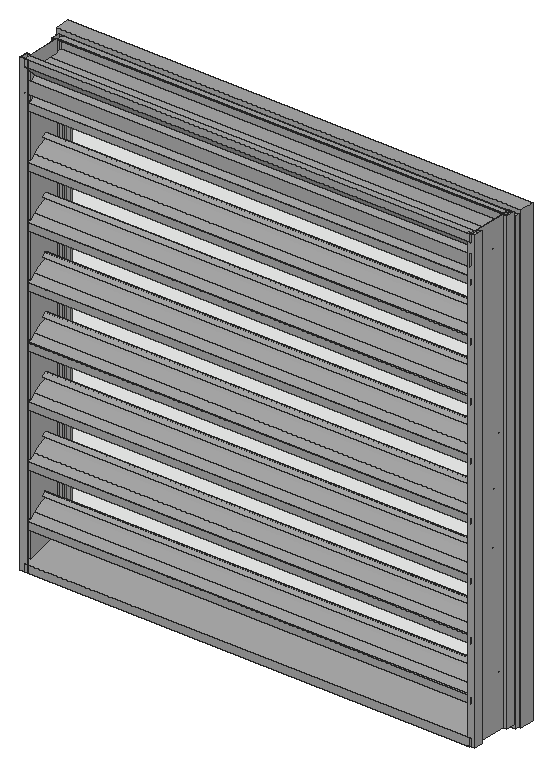
Revit family
Parameters (values of type "537XP")
  Weight = ""
  Warranty = "All materials and workmanship are warranted for a period of 1 year from date of completion."  # constant formula
  URL = "http://www.industriallouvers.com"
  Surface Finish = "Anodized or Kynar finish"  # constant formula
  Support Material = Aluminum
  Subcategory = "Extruded Sightproof"  # constant formula
  Static Pressure Loss = "0.15 inch of water gauge at an air flow of 706.9 FPM free area velocity."  # constant formula
  Specifications  URL = "http://www.industriallouvers.com/downloads/Extruded%20Sightproof/537XP_SD.doc"
  Screen Material = Screen Material
  SMARTBIM URL = "http://www.SMARTBIM.com"
  SMARTBIM Object Version = 3  # constant formula
  SMARTBIM Object Created By = "SMARTBIM, LLC"  # constant formula
  SMARTBIM Contact = "mailto:SMARTBIM@SMARTBIM.com"
  Product Submittal URL = "http://www.industriallouvers.com/downloads/Extruded%20Sightproof/537XP_PS.pdf"
  Product Page URL = "http://www.industriallouvers.com/lv_es.php"
  Number of Blades [instance] = (Louver Height - 0' 5 1/2") / 0' 5"  # 9
  Model = "537XP"  # constant formula
  Minimum Height = 1' - 0"  # constant formula
  Maximum Water Penetration = "0 .01 ounces at an air flow of 995.8 FPM"  # constant formula
  Maximum Size - Single Section [instance] = "One dimension not to exceed 72\" x 120\""
  Material = "Extruded aluminum, 6063-T6"  # constant formula
  Manufacturer Toll Free Phone = "1-800-328-3421"  # constant formula
  Manufacturer Phone = "763-972-2981"  # constant formula
  Manufacturer Fax = "763-972-2911"  # constant formula
  Manufacturer Email = "mailto:ilinfo@industriallouvers.com"
  Manufacturer Address = "511 S. 7th Street, Delano, MN 55328"  # constant formula
  Manufacturer = "Industrial Louvers, Inc."  # constant formula
  Maintenance = "http://www.industriallouvers.com/prod-forms/Maintenance%20Instructions.pdf"
  Louver Width [instance] = 4' - 0"
  Louver Height [instance] = 4' - 0"
  Installation URL = "http://www.industriallouvers.com/downloads/Extruded%20Sightproof/537XP_II.pdf"
  Height [instance] = if(Louver Height < 1' 0", 1' 0", Louver Height)  # 4' - 0"
  Free Area for 48”x48” Louver = "56%"  # constant formula
  Free Area (ft²) for 48" x 48" Louver = "8.94"  # constant formula
  Frame Material = Aluminum
  Description = "Extruded Sightproof"  # constant formula
  Depth = 0' - 5"  # constant formula
  Default Elevation = 4' - 0"
  Cost Info = "Contact Factory"  # constant formula
  CAD Drawings = "http://www.industriallouvers.com/downloads/Extruded%20Sightproof/537XP_ACD.dwg"
  Blade Width [instance] = Louver Width - 0' 1 1/2"  # 3' - 10 1/2"
  Blade Start Height [instance] = (Louver Height - 0' 4 1/2" - Blade Region Height) / 2  # 0' - 4 1/4"
  Blade Region Height [instance] = (Blade Count - 1) * 0' 5"  # 2' - 11"
  Blade Material = Aluminum
  Blade Count [instance] = if(((Louver Height - 0' 5 1/2") / 0' 5") < 2, 2, (Louver Height - 0' 5 1/2") / 0' 5") - 1  # 8
  Assembly Code = "B2010300"
  95 CSI = "10200"  # constant formula
  04 CSI = "08 91 00"  # constant formula
Reference planes (in)
  plane 1 "Center (Front/Back)": y = 0
  plane 2: z = 0
  plane 3 "Center (Left/Right)": x = 0
  plane 4: x = -24
  plane 5: x = 24
  plane 6: x = -23.25
  plane 7: x = 23.25
  plane 8 "Back of Blade": y = 2
  plane 9: z = 4.25
  plane 10: z = 39.25
  plane 11: z = 48.5
  plane 12 "Back of Screen": y = 2.345
  plane 13: z = 47
  plane 14: z = 1.5
  plane 15: y = 2.47
  plane 16: z = 48.375
  plane 17: z = 0.125
  plane 18: y = 3.845
  plane 19 "Front of Louver": y = -2
  plane 20: z = 48.25
  plane 21: z = 0.25
  plane 22: z = 21.75
  plane 23: x = -24.25
  plane 24: x = 24.25
  plane 25: z = 48
  plane 26: z = 46
Forms (in)
  Extrusion 1, solid, material "Aluminum" <- "Blade Material"
    sketch origin (0, -24, 12.25956) x (0, 1, 0) y (0, 0, 1)
      loop
        line (21.081, 35.90944) -> (21.625, 35.90944) -> (21.625, 35.99044) -> (21, 35.99044) -> (21, 35.24044) -> (22.14736, 34.02375) -> (21.081, 33.01816) -> (21.081, 33.99944) -> (21, 34.08044) -> (21, 32.83044) -> (22.10136, 33.86904)
        arc (22.10136, 33.86904) -> (23.05229, 34.47461) -> (24.15958, 34.68644) r 3
        line (24.15958, 34.68644) -> (25.838, 34.68644) -> (25.838, 33.02599) -> (25.57428, 33.28972) -> (25.517, 33.23244) -> (25.919, 32.83044) -> (25.919, 35.99044) -> (25.294, 35.99044) -> (25.294, 35.90944) -> (25.838, 35.90944) -> (25.838, 34.76744) -> (24.15958, 34.76744)
        arc (24.15958, 34.76744) -> (23.1257, 34.58879) -> (22.21171, 34.07357) r 3.081
        line (22.21171, 34.07357) -> (21.081, 35.27261) -> (21.081, 35.90944)
    from -23.25 to 23.25
  Sweep 2, solid, material "Aluminum" <- "Support Material"
    path origin (0, 0, 0) x (1, 0, 0) y (0, 0, 1)
      loop
        line (-24.25, 48.5) -> (-24.25, 0) -> (24.25, 0) -> (24.25, 48.5) -> (-24.25, 48.5)
    profile origin (0, 0, 48.5) x (0, 0, 1) y (0, -1, 0)
      loop
        line (-1.5, -2.345) -> (-1.5, -2.47) -> (-0.125, -2.47) -> (-0.125, -3.845) -> (0, -3.845) -> (0, -2.345) -> (-1.5, -2.345)
  Extrusion 3, solid, material "Aluminum" <- "Frame Material"
    sketch origin (-10, 22.75594, 29.61826) x (1, 0, 0) y (0, 1, 0)
      loop
        line (33.331, -21.63094) -> (33.75, -21.63094) -> (33.75, -20.75594) -> (33.25, -20.75594) -> (33.25, -20.83694) -> (33.669, -20.83694) -> (33.669, -21.54994) -> (33.25, -21.54994) -> (33.25, -24.96194) -> (33.669, -24.96194) -> (33.669, -25.67494) -> (33, -25.67494) -> (33, -25.75594) -> (33.75, -25.75594) -> (33.75, -24.88094) -> (33.331, -24.88094) -> (33.331, -21.63094)
    from -29.36826 to 18.63174
  Extrusion 4, solid, material "Aluminum" <- "Frame Material"
    sketch origin (10, -22.75594, 29.61826) x (-1, 0, 0) y (0, -1, 0)
      loop
        line (33.331, -23.88094) -> (33.331, -20.63094) -> (33.75, -20.63094) -> (33.75, -19.75594) -> (33, -19.75594) -> (33, -19.83694) -> (33.669, -19.83694) -> (33.669, -20.54994) -> (33.25, -20.54994) -> (33.25, -23.96194) -> (33.669, -23.96194) -> (33.669, -24.67494) -> (33.25, -24.67494) -> (33.25, -24.75594) -> (33.75, -24.75594) -> (33.75, -23.88094) -> (33.331, -23.88094)
    from -29.36826 to 18.63174
Cuts and joins
  joined: Extrusion 3, Extrusion 4
Dimensions and locks (in)
  equal spacing: plane 4, plane 3 "Center (Left/Right)", plane 5
  "Louver Width": plane 4 to plane 5
  locked: plane 4 to plane 6 at 0.75
  locked: plane 7 to plane 5 at 0.75
  "Blade Start Height": plane 9 to level
  "Louver Height": plane 20 to plane 21
  locked: plane 18 to plane 12 "Back of Screen" at 1.5
  locked: plane 15 to plane 12 "Back of Screen" at 0.125
  locked: plane 11 to plane 13 at 1.5
  locked: plane 11 to plane 16 at 0.125
  locked: plane 17 to level at 0.125
  locked: plane 14 to level at 1.5
  locked: plane 12 "Back of Screen" to plane 8 "Back of Blade" at 0.345
  equal spacing: plane 8 "Back of Blade", plane 1 "Center (Front/Back)", plane 19 "Front of Louver"
  locked: plane 8 "Back of Blade" to plane 19 "Front of Louver" at 4
  locked: plane 11 to plane 20 at 0.25
  locked: plane 21 to level at 0.25
  equal spacing: group 1, group 3, group 4, group 5, group 6, group 7, group 8, group 2  (x3)
  locked: plane 23 to plane 4 at 0.25
  locked: plane 5 to plane 24 at 0.25
  equal spacing: plane 10, plane 22, plane 9
  locked: plane 11 to plane 25 at 0.5
  "Blade Region Height": plane 10 to plane 9
  locked: plane 13 to plane 26 at 1
  aligned and locked: Sweep 2 sketch curve to plane 11
  aligned and locked: Sweep 2 sketch curve to level
  aligned and locked: Sweep 2 to plane 12 "Back of Screen"
  aligned and locked: nested 1 to plane 12 "Back of Screen"
  aligned and locked: nested 1 to plane 8 "Back of Blade"
  aligned and locked: nested 1 to level
  aligned: plane 5 to Extrusion 3
  aligned: Extrusion 4 to plane 4
  aligned: plane 11 to Extrusion 3
  aligned: Extrusion 1 to plane 20
  aligned: Extrusion 1 to plane 8 "Back of Blade"
  aligned and locked: Extrusion 1 to plane 6
  aligned and locked: plane 7 to Extrusion 1
  aligned: Extrusion 3 to level
  aligned: Extrusion 4 to level
  aligned: plane 11 to Extrusion 4
  aligned and locked: plane 3 "Center (Left/Right)" to nested 2
  aligned and locked: nested 2 to plane 8 "Back of Blade"
  aligned: plane 9 to nested 2
  aligned: plane 10 to nested 3  (x2)
  aligned: plane 3 "Center (Left/Right)" to nested 1
  aligned and locked: cut or joined group of Extrusion 3, Extrusion 4 to plane 20  (x2)
  aligned and locked: plane 21 to cut or joined group of Extrusion 3, Extrusion 4  (x2)
  aligned and locked: plane 23 to Sweep 2 sketch curve
  aligned and locked: plane 24 to Sweep 2 sketch curve
  aligned and locked: plane 25 to nested 1
  aligned and locked: plane 5 to nested 1
  aligned and locked: nested 1 to plane 4
  aligned and locked: nested 3 to plane 26
  aligned and locked: plane 9 to nested 2
  aligned and locked: plane 8 "Back of Blade" to nested 10
  aligned and locked: nested 10 to cut or joined group of Extrusion 3, Extrusion 4
  aligned and locked: nested 10 to plane 3 "Center (Left/Right)"
Automatic sketch dimensions
  profile plane to Sweep 2 sketch curve = 0' - 0"
  Sweep 2 sketch curve to Sweep 2 sketch curve = 0' - 0 1/8"  (x2)
  Sweep 2 sketch curve to Sweep 2 sketch curve = 0' - 1 3/8"  (x2)
  Sweep 2 sketch curve to plane 1 "Center (Front/Back)" = 0' - 3.845"
  Extrusion 4 sketch curve to plane 8 "Back of Blade" = 0' - 0"
  plane 6 to Extrusion 4 sketch curve = 0' - 0"
  plane 6 to Extrusion 4 sketch curve = 0' - 0 1/4"
  Extrusion 4 sketch curve to plane 6 = 0' - 0.081"
  plane 4 to Extrusion 4 sketch curve = 0' - 0.331"  (x2)
  Extrusion 4 sketch curve to plane 8 "Back of Blade" = 0' - 0.081"
  Extrusion 4 sketch curve to Extrusion 4 sketch curve = 0' - 0.081"  (x5)
  Extrusion 4 sketch curve to Extrusion 4 sketch curve = 0' - 0.713"  (x2)
  plane 19 "Front of Louver" to Extrusion 4 sketch curve = 0' - 0 1/8"
  Extrusion 4 sketch curve to plane 6 = 0' - 0"
  Extrusion 3 sketch curve to plane 8 "Back of Blade" = 0' - 0"
  Extrusion 3 sketch curve to plane 7 = 0' - 0"  (x2)
  Extrusion 3 sketch curve to plane 7 = 0' - 0 1/4"
  plane 7 to Extrusion 3 sketch curve = 0' - 0.081"
  Extrusion 3 sketch curve to plane 5 = 0' - 0.331"  (x2)
  Extrusion 3 sketch curve to plane 8 "Back of Blade" = 0' - 0.081"
  Extrusion 3 sketch curve to Extrusion 3 sketch curve = 0' - 0.081"  (x5)
  Extrusion 3 sketch curve to Extrusion 3 sketch curve = 0' - 0.713"  (x2)
  plane 19 "Front of Louver" to Extrusion 3 sketch curve = 0' - 0 1/8"
  plane 20 to Extrusion 1 sketch curve = 0' - 0.081"  (x2)
  plane 19 "Front of Louver" to Extrusion 1 sketch curve = 0' - 0 3/8"
  Extrusion 1 sketch curve to Extrusion 1 sketch curve = 0' - 0.544"
  Extrusion 1 sketch curve to Extrusion 1 sketch curve = 0' - 0.081"  (x3)
  Extrusion 1 sketch curve to plane 13 = 0' - 0.741"
  Extrusion 1 sketch curve to plane 19 "Front of Louver" = 0' - 0.14736"
  Extrusion 1 sketch curve to Extrusion 1 sketch curve = 0' - 0.04599"
  Extrusion 1 sketch curve to Extrusion 1 sketch curve = 0' - 0.06436"
  Extrusion 1 sketch curve to Extrusion 1 sketch curve = 0' - 0.18772"
  Extrusion 1 sketch curve to Extrusion 1 sketch curve = 0' - 0.15471"
  Extrusion 1 sketch curve to Extrusion 1 sketch curve = 0' - 0.04982"
  Extrusion 1 sketch curve to Extrusion 1 sketch curve = 0' - 0.03217"
  Extrusion 1 sketch curve to Extrusion 1 sketch curve = 0' - 0"  (x4)
  plane 13 to Extrusion 1 sketch curve = 0' - 0 1/2"
  Extrusion 1 sketch curve to plane 8 "Back of Blade" = 0' - 0.081"
  Extrusion 1 sketch curve to plane 8 "Back of Blade" = 0' - 0.706"
  Extrusion 1 sketch curve to plane 8 "Back of Blade" = 0' - 0.162"
  plane 13 to Extrusion 1 sketch curve = 0' - 0.027"
  plane 20 to Extrusion 1 sketch curve = 0' - 0"  (x2)
  Extrusion 1 sketch curve to plane 8 "Back of Blade" = 0' - 0.483"
  Extrusion 1 sketch curve to plane 13 = 0' - 1.91"
  Extrusion 1 sketch curve to Extrusion 1 sketch curve = 0' - 0.402"
  Extrusion 1 sketch curve to Extrusion 1 sketch curve = 0' - 0.05728"
  Extrusion 1 sketch curve to plane 13 = 0' - 0.054"
  Extrusion 1 sketch curve to plane 1 "Center (Front/Back)" = 0' - 0.15958"
Nested families (in)
  nested 1: "Louver Screen" at (18, 2, 0), type "Louver Screen"
    with Width 4' - 0", Height 4' - 0", Depth 0' - 0.345"
  nested 2: "Louver-Blade_450XP_IndustrialLouver" at (0, 2, 4.25), type "Louver-Blade_450XP_IndustrialLouver"
    with Width 3' - 10 1/2"
  nested 3: "Louver-Blade_450XP_IndustrialLouver" at (0, 2, 43.40865), type "Louver-Blade_450XP_IndustrialLouver"
    with Width 3' - 10 1/2"
  nested 4: "Louver-Blade_450XP_IndustrialLouver" at (0, 2, 9.84409), type "Louver-Blade_450XP_IndustrialLouver"
    with Width 3' - 10 1/2"
  nested 5: "Louver-Blade_450XP_IndustrialLouver" at (0, 2, 15.43819), type "Louver-Blade_450XP_IndustrialLouver"
    with Width 3' - 10 1/2"
  nested 6: "Louver-Blade_450XP_IndustrialLouver" at (0, 2, 21.03228), type "Louver-Blade_450XP_IndustrialLouver"
    with Width 3' - 10 1/2"
  nested 7: "Louver-Blade_450XP_IndustrialLouver" at (0, 2, 26.62637), type "Louver-Blade_450XP_IndustrialLouver"
    with Width 3' - 10 1/2"
  nested 8: "Louver-Blade_450XP_IndustrialLouver" at (0, 2, 32.22047), type "Louver-Blade_450XP_IndustrialLouver"
    with Width 3' - 10 1/2"
  nested 9: "Louver-Blade_450XP_IndustrialLouver" at (0, 2, 37.81456), type "Louver-Blade_450XP_IndustrialLouver"
    with Width 3' - 10 1/2"
  nested 10: "sill" at (0, -3.07887, 0.25) x (-1, 0, 0) z (0, 0, 1), type "sill"
Connectors (in)
  hvac at (0, 2.345, 24), driven by "Louver Height", driven by "Louver Width"
    settings: on nested 1, index 1, duct flow 0 CFM, flow factor 0, pres drop 0.00 in-wg, loss coef 0, conn angle 0.00°, conn width 48", conn height 48", conn radius 12", duct sys type 1, conn prof type 1, flow config 0, flow direction 0, loss method 0, conn ref index -1, conn util no, is conn primary yes, conn desc ""
Definition of nested family "Louver Screen"
  Parameters (values of type "Louver Screen")
    Width [instance] = 2' - 0"
    Screen Frame = Aluminum
    Screen = Screen Material
    Height [instance] = 2' - 0"
    Depth [instance] = 0' - 0 115/256"
    Assembly Code = ""
  Reference planes (in)
    plane 1 "Front": y = 0
    plane 2: z = 0
    plane 3 "Center (Left/Right)": x = -18
    plane 4: x = -30
    plane 5: x = -6
    plane 6: z = 24
    plane 7: x = -29.25
    plane 8: x = -6.75
    plane 9: z = 23.25
    plane 10: z = 0.75
    plane 11 "Back": y = 0.44922
    plane 12 "Center (Front/Back)": y = 0.22461
    plane 13: y = 0.19336
    plane 14: y = 0.25586
  Forms (in)
    Sweep 1, solid, material "Aluminum" <- "Screen Frame"
      path origin (0, 0, 0) x (1, 0, 0) y (0, 0, 1)
        loop
          line (-30, 24) -> (-30, 0) -> (-6, 0) -> (-6, 24) -> (-30, 24)
      profile origin (-18, 0, 24) x (0, 0, 1) y (0, -1, 0)
        loop
          line (0, 0) -> (-0.75, 0) -> (-0.75, -0.44922) -> (0, -0.44922) -> (0, 0)
    Extrusion 2, solid, material "Screen Material" <- "Screen"
      sketch origin (0, 0, 0) x (1, 0, 0) y (0, 0, 1)
        loop
          line (-29.25, 0.75) -> (-6.75, 0.75) -> (-6.75, 23.25) -> (-29.25, 23.25) -> (-29.25, 0.75)
      from -0.19336 to -0.25586
  Dimensions and locks (in)
    equal spacing: plane 4, plane 3 "Center (Left/Right)", plane 5
    "Width": plane 4 to plane 5
    locked: Sweep 1 sketch curve to Sweep 1 sketch curve at 0.75
    locked: plane 6 to plane 9 at 0.75
    locked: plane 4 to plane 7 at 0.75
    locked: plane 5 to plane 8 at 0.75
    locked: plane 10 to level at 0.75
    "Depth": plane 1 "Front" to plane 11 "Back"
    equal spacing: plane 1 "Front", plane 12 "Center (Front/Back)", plane 11 "Back"
    plane 14 to plane 12 "Center (Front/Back)" to plane 13 = 0' - 0 1/32" locked, 0' - 0 1/32" locked
    "Height": plane 6 to plane 2
    aligned and locked: Sweep 1 sketch curve to plane 6
    aligned and locked: Sweep 1 sketch curve to plane 4
    aligned and locked: Sweep 1 sketch curve to level
    aligned and locked: Sweep 1 sketch curve to plane 5
    aligned and locked: Extrusion 2 sketch curve to plane 7
    aligned and locked: Extrusion 2 sketch curve to plane 9
    aligned and locked: Extrusion 2 sketch curve to plane 10
    aligned and locked: Extrusion 2 sketch curve to plane 8
    aligned and locked: plane 11 "Back" to Sweep 1
    aligned and locked: plane 1 "Front" to Sweep 1 sketch curve
    aligned and locked: plane 11 "Back" to Sweep 1 sketch curve
    aligned and locked: plane 14 to Extrusion 2
    aligned and locked: Extrusion 2 to plane 13
    aligned and locked: plane 2 to level
  Automatic sketch dimensions
    profile plane to Sweep 1 sketch curve = 0' - 0"
Definition of nested family "Louver-Blade_450XP_IndustrialLouver"
  Parameters (values of type "Louver-Blade_450XP_IndustrialLouver")
    Width = 4' - 10 1/2"
    Blade Material = Aluminum
    Assembly Code = ""
  Reference planes (in)
    plane 1 "Center (Front/Back)": y = 0
    plane 2: z = 0
    plane 3 "Center (Left/Right)": x = 0
    plane 4: x = -29.25
    plane 5: x = 29.25
    plane 6: z = 5.18269
    plane 7: z = 2.59135
  Forms (in)
    Extrusion 1, solid, material "Aluminum" <- "Blade Material"
      sketch origin (0, 0, 0) x (0, 1, 0) y (0, 0, 1)
        loop
          line (-2.38592, 2.39519) -> (-1.89256, 1.91181)
          arc (-1.89256, 1.91181) -> (-2.95109, 1.67323) -> (-3.86002, 1.08056) r 3.063
          line (-3.86002, 1.08056) -> (-4.856, 0.14169) -> (-4.856, 0.74572) -> (-4.919, 0.74572) -> (-4.919, -0.00428) -> (-3.8168, 1.03471)
          arc (-3.8168, 1.03471) -> (-2.89912, 1.62663) -> (-1.83036, 1.85087) r 3
          line (-1.83036, 1.85087) -> (-1.09385, 1.12927)
          arc (-1.09385, 1.12927) -> (-0.61979, 0.81086) -> (-0.063, 0.68399) r 1.563
          line (-0.063, 0.68399) -> (-0.063, 0.14782) -> (-0.35355, 0.43837) -> (-0.3981, 0.39382) -> (0, -0.00428) -> (0, 0.74572)
          arc (0, 0.74572) -> (-0.56693, 0.85699) -> (-1.04976, 1.17427) r 1.5
          line (-1.04976, 1.17427) -> (-2.373, 2.47072)
          arc (-2.373, 2.47072) -> (-2.61798, 2.33189) -> (-2.83271, 2.14972) r 1.50039
          line (-2.83271, 2.14972) -> (-2.74275, 2.14972)
          arc (-2.74275, 2.14972) -> (-2.57364, 2.28597) -> (-2.38592, 2.39519) r 1.43739
      from -29.25 to 29.25
  Dimensions and locks (in)
    equal spacing: plane 4, plane 3 "Center (Left/Right)", plane 5
    "Width": plane 4 to plane 5
    locked: plane 6 to level at 5.18269
    equal spacing: plane 6, plane 7, level
    aligned and locked: Extrusion 1 to plane 4
    aligned and locked: plane 5 to Extrusion 1
  Automatic sketch dimensions
    Extrusion 1 sketch curve to Extrusion 1 sketch curve = 0' - 0"  (x6)
    Extrusion 1 sketch curve to plane 1 "Center (Front/Back)" = 0' - 0"
    plane 7 to Extrusion 1 sketch curve = 0' - 0.44162"
    Extrusion 1 sketch curve to Extrusion 1 sketch curve = 0' - 1.02731"
    Extrusion 1 sketch curve to Extrusion 1 sketch curve = 0' - 0.08996"
    Extrusion 1 sketch curve to Extrusion 1 sketch curve = 0' - 0.35683"
    Extrusion 1 sketch curve to Extrusion 1 sketch curve = 0' - 0.01292"
    plane 7 to Extrusion 1 sketch curve = 0' - 0.19616"
    plane 7 to Extrusion 1 sketch curve = 0' - 0.12062"
    plane 7 to Extrusion 1 sketch curve = 0' - 0.67954"
    Extrusion 1 sketch curve to Extrusion 1 sketch curve = 0' - 0.06219"
    plane 7 to Extrusion 1 sketch curve = 0' - 0.74047"
    Extrusion 1 sketch curve to Extrusion 1 sketch curve = 0' - 0.07136"
    Extrusion 1 sketch curve to Extrusion 1 sketch curve = 0' - 0.66515"
    Extrusion 1 sketch curve to Extrusion 1 sketch curve = 0' - 0.04409"
    Extrusion 1 sketch curve to Extrusion 1 sketch curve = 0' - 0.04455"  (x2)
    plane 1 "Center (Front/Back)" to Extrusion 1 sketch curve = 0' - 0.063"
    Extrusion 1 sketch curve to level = 0' - 0.00428"  (x2)
    Extrusion 1 sketch curve to Extrusion 1 sketch curve = 0' - 0.24601"
    Extrusion 1 sketch curve to Extrusion 1 sketch curve = 0' - 0.53617"
    Extrusion 1 sketch curve to Extrusion 1 sketch curve = 0' - 0.06173"
    Extrusion 1 sketch curve to Extrusion 1 sketch curve = 0' - 0.02755"
    Extrusion 1 sketch curve to Extrusion 1 sketch curve = 0' - 0.04584"
    Extrusion 1 sketch curve to Extrusion 1 sketch curve = 0' - 0.045"
    level to Extrusion 1 sketch curve = 0' - 0.14169"
    Extrusion 1 sketch curve to Extrusion 1 sketch curve = 0' - 0.063"
    level to Extrusion 1 sketch curve = 0' - 1.03471"
    Extrusion 1 sketch curve to Extrusion 1 sketch curve = 0' - 0.04321"
    Extrusion 1 sketch curve to Extrusion 1 sketch curve = 0' - 0.60403"
    Extrusion 1 sketch curve to Extrusion 1 sketch curve = 0' - 0.99598"
Definition of nested family "sill"
  Parameters (values of type "sill")
    Width = 3' - 10 1/2"
    Blade Material = Aluminum
    Assembly Code = ""
  Reference planes (in)
    plane 1 "Center (Front/Back)": y = 0
    plane 2: z = 0
    plane 3 "Center (Left/Right)": x = 0
    plane 4: x = -23.25
    plane 5: x = 23.25
    plane 6: z = 2.59135
    plane 7: z = 2.84
  Forms (in)
    Extrusion 1, solid, material "Aluminum" <- "Blade Material"
      sketch origin (0, 0, 0) x (0, 1, 0) y (0, 0, 1)
        loop
          line (-4.99787, 2.08975) -> (-4.99787, 2.84) -> (-5.07887, 2.84) -> (-5.07887, 0) -> (-4.82887, 0) -> (-4.82887, 0.081) -> (-4.99787, 0.081) -> (-4.99787, 2.00589) -> (-0.157, 0.70878) -> (-0.157, 0.081) -> (-0.701, 0.081) -> (-0.701, 0) -> (-0.076, 0) -> (-0.076, 0.77093) -> (-4.99787, 2.08975)
      from -23.25 to 23.25
  Dimensions and locks (in)
    equal spacing: plane 4, plane 3 "Center (Left/Right)", plane 5
    "Width": plane 4 to plane 5
    aligned and locked: Extrusion 1 to plane 4
    aligned and locked: plane 5 to Extrusion 1
    aligned and locked: plane 7 to Extrusion 1
  Automatic sketch dimensions
    Extrusion 1 sketch curve to level = 0' - 0"  (x2)
    Extrusion 1 sketch curve to plane 6 = 0' - 0.24865"
    plane 1 "Center (Front/Back)" to Extrusion 1 sketch curve = 0' - 5.07887"
    Extrusion 1 sketch curve to Extrusion 1 sketch curve = 0' - 0.081"  (x2)
    Extrusion 1 sketch curve to Extrusion 1 sketch curve = 0' - 0"
    level to Extrusion 1 sketch curve = 0' - 0.081"  (x2)
    Extrusion 1 sketch curve to Extrusion 1 sketch curve = 0' - 0.169"
    plane 1 "Center (Front/Back)" to Extrusion 1 sketch curve = 0' - 0.701"
    plane 1 "Center (Front/Back)" to Extrusion 1 sketch curve = 0' - 0.157"
    Extrusion 1 sketch curve to Extrusion 1 sketch curve = 0' - 0.62778"
    Extrusion 1 sketch curve to Extrusion 1 sketch curve = 0' - 0.06215"
    plane 6 to Extrusion 1 sketch curve = 0' - 0.58546"
    Extrusion 1 sketch curve to Extrusion 1 sketch curve = 0' - 0.08386"
